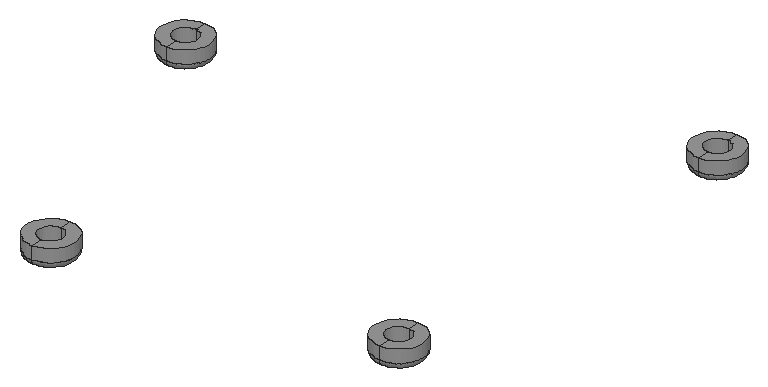
Revit family "4832_Colours", category Furniture, Revit 2013
Parameters
  Width = 1' - 4 1/2"
  URL = "http://www.bernhardtdesign.com/"
  Model = "4832 Colours"
  Manufacturer = "Bernhardt"
  Length = 2' - 7 5/8"
  Height = 2' - 8 7/8"
  Description = "Seating"
  Casters = Caster-Bernhardt-Black
  Bernhardt Fabric = Fabric_Bernhardt-White
Reference planes (in)
  plane 1 "Center (Front/Back)": y = 0
  plane 2 "Center (Left/Right)": x = 0
  plane 3: y = -16.11317
  plane 4: y = 15.79955
  plane 5: z = 16.48608
Lines and regions (in)
  Non planar sketch 1
    outline origin (-13.65132, 6.64536, 0.83175) x (-0.724506, -0.689269, 0) y (-0.689269, 0.724506, 0)
      loop
        spline (-0.01987, -0.00264) -> (-11.86168, -2.64796) -> (-17.08134, -6.28586) -> (-19.79955, -11.99114) -> (-18.40165, -19.19624) -> (-14.53691, -24.42667) -> (-7.46465, -27.2381) -> (-0.05927, -27.16434) -> (5.17416, -24.39231) -> (8.92842, -18.33987) -> (8.83121, -11.59443) -> (5.48955, -4.53528) -> (0.01987, 0.00264)
  Non planar sketch 2
    outline origin (-14.34059, 7.36987, 3.92853) x (-1, 0, 0) y (0, 1, 0)
      loop
        spline (0.01621, -0.01178) -> (1.15395, -7.92007) -> (-1.40738, -15.69538) -> (-6.32715, -21.01108) -> (-13.741, -22.96318) -> (-19.97235, -21.22052) -> (-25.68433, -15.89646) -> (-29.04843, -8.53864) -> (-28.20665, -1.64847) -> (-23.93024, 5.01087) -> (-17.45645, 7.49325) -> (-10.78351, 6.47873) -> (-0.01621, 0.01178)
  Non planar sketch 3
    outline origin (-14.68523, 7.73212, 7.89246) x (-1, 0, 0) y (0, 1, 0)
      loop
        spline (0.01621, -0.01178) -> (1.30534, -8.3453) -> (-1.31437, -16.29942) -> (-6.40452, -21.7959) -> (-14.07944, -23.82539) -> (-20.57504, -22.01111) -> (-26.43522, -16.55019) -> (-29.88839, -8.96932) -> (-29.02824, -1.86071) -> (-24.59037, 5.03652) -> (-17.83064, 7.63012) -> (-10.9658, 6.58938) -> (-0.01621, 0.01178)
  Non planar sketch 4
    outline origin (-14.68523, 7.73212, 12.36787) x (-1, 0, 0) y (0, 1, 0)
      loop
        spline (0.01621, -0.01178) -> (1.30534, -8.3453) -> (-1.31437, -16.29942) -> (-6.40452, -21.7959) -> (-14.07944, -23.82539) -> (-20.57504, -22.01111) -> (-26.43522, -16.55019) -> (-29.88839, -8.96932) -> (-29.02824, -1.86071) -> (-24.59037, 5.03652) -> (-17.83064, 7.63012) -> (-10.9658, 6.58938) -> (-0.01621, 0.01178)
  Non planar sketch 5
    outline origin (-14.34059, 7.36987, 14.68195) x (0, 1, 0) y (1, 0, 0)
      loop
        spline (0.01178, 0.01621) -> (6.47874, 10.78359) -> (7.49323, 17.45638) -> (5.01087, 23.93025) -> (-1.6485, 28.20665) -> (-8.53865, 29.04843) -> (-15.89646, 25.68433) -> (-21.22071, 19.97218) -> (-22.96318, 13.741) -> (-21.01108, 6.32715) -> (-15.69534, 1.40736) -> (-7.92007, -1.15398) -> (-0.01178, -0.01621)
  Non planar sketch 6
    outline origin (-13.99596, 7.00762, 15.68559) x (0, 1, 0) y (1, 0, 0)
      loop
        spline (0.01178, 0.01621) -> (6.36808, 10.6013) -> (7.35635, 17.08224) -> (4.98522, 23.27013) -> (-1.4363, 27.38506) -> (-8.10803, 28.20852) -> (-15.24273, 24.93344) -> (-20.43031, 19.36931) -> (-22.10097, 13.40258) -> (-20.22625, 6.24978) -> (-15.09133, 1.50039) -> (-7.49484, -1.00256) -> (-0.01178, -0.01621)
  Non planar sketch 7
    outline origin (-12.61742, 5.5586, 16.43559) x (0, 1, 0) y (1, 0, 0)
      loop
        spline (0.01178, 0.01621) -> (5.92545, 9.87214) -> (6.80887, 15.5857) -> (4.88263, 20.62964) -> (-0.58747, 24.0987) -> (-6.38531, 24.84881) -> (-12.62782, 21.92989) -> (-17.26861, 16.95793) -> (-18.65211, 12.049) -> (-17.08694, 5.94031) -> (-12.67522, 1.87249) -> (-5.79384, -0.39705) -> (-0.01178, -0.01621)
  Non planar sketch 8
    outline origin (-2.86941, 10.88849, 16.43559) x (1, 0, 0) y (0, 1, 0)
      loop
        spline (4.86305, 1.51818) -> (4.0044, 1.5176) -> (3.15578, 1.42312) -> (2.31683, 1.25483) -> (1.48722, 1.0328) -> (0.6666, 0.7771) -> (-0.14556, 0.50195) -> (-0.95018, 0.20976) -> (-1.74821, -0.09854) -> (-2.54055, -0.4221) -> (-3.3261, -0.76296) -> (-4.10144, -1.12647) -> (-4.86305, -1.51818)
        spline (-4.86305, -1.51818) -> (-9.47851, -5.03424) -> (-10.20474, -10.62109) -> (-8.73635, -16.2244) -> (-5.57092, -21.0534) -> (-0.50282, -23.74416) -> (5.26208, -23.52403) -> (10.1167, -20.3868) -> (13.60482, -15.75003) -> (15.17741, -10.22788) -> (13.87336, -4.58568) -> (10.3569, -0.03746) -> (4.86305, 1.51818)
  sketch lines
    curve 1: spline (-14.35681, 7.35809, 3.92853) -> (-15.49454, -0.5502, 3.92853) -> (-12.93321, -8.32551, 3.92853) -> (-8.01344, -13.64121, 3.92853) -> (-0.59959, -15.59331, 3.92853) -> (5.63176, -13.85066, 3.92853) -> (11.34374, -8.52659, 3.92853) -> (14.70784, -1.16877, 3.92853) -> (13.86606, 5.7214, 3.92853) -> (9.58965, 12.38074, 3.92853) -> (3.11585, 14.86312, 3.92853) -> (-3.55708, 13.84859, 3.92853) -> (-14.32438, 7.38165, 3.92853)
    curve 2: spline (-14.66901, 7.7439, 7.89246) -> (-3.71943, 14.3215, 7.89246) -> (3.14542, 15.36224, 7.89246) -> (9.90515, 12.76864, 7.89246) -> (14.34302, 5.87141, 7.89246) -> (15.20316, -1.2372, 7.89246) -> (11.74999, -8.81807, 7.89246) -> (5.88982, -14.27898, 7.89246) -> (-0.60578, -16.09327, 7.89246) -> (-8.2807, -14.06378, 7.89246) -> (-13.37086, -8.5673, 7.89246) -> (-15.99057, -0.61318, 7.89246) -> (-14.70144, 7.72034, 7.89246)
    curve 3: spline (-14.70144, 7.72034, 12.36787) -> (-15.99057, -0.61318, 12.36787) -> (-13.37086, -8.5673, 12.36787) -> (-8.2807, -14.06378, 12.36787) -> (-0.60578, -16.09327, 12.36787) -> (5.88982, -14.27898, 12.36787) -> (11.74999, -8.81807, 12.36787) -> (15.20316, -1.2372, 12.36787) -> (14.34302, 5.87141, 12.36787) -> (9.90515, 12.76864, 12.36787) -> (3.14542, 15.36224, 12.36787) -> (-3.71943, 14.3215, 12.36787) -> (-14.66901, 7.7439, 12.36787)
    curve 4: spline (-14.32438, 7.38165, 14.68195) -> (-3.557, 13.8486, 14.68195) -> (3.11579, 14.8631, 14.68195) -> (9.58966, 12.38074, 14.68195) -> (13.86606, 5.72137, 14.68195) -> (14.70784, -1.16878, 14.68195) -> (11.34374, -8.52659, 14.68195) -> (5.63158, -13.85085, 14.68195) -> (-0.59959, -15.59331, 14.68195) -> (-8.01344, -13.64121, 14.68195) -> (-12.93324, -8.32547, 14.68195) -> (-15.49457, -0.5502, 14.68195) -> (-14.35681, 7.35809, 14.68195)
    curve 6: spline (-14.01217, 6.99583, 15.68559) -> (-14.99852, -0.48723, 15.68559) -> (-12.49557, -8.08372, 15.68559) -> (-7.74617, -13.21863, 15.68559) -> (-0.59338, -15.09335, 15.68559) -> (5.37335, -13.42269, 15.68559) -> (10.93749, -8.23512, 15.68559) -> (14.21256, -1.10042, 15.68559) -> (13.38911, 5.57132, 15.68559) -> (9.27417, 11.99284, 15.68559) -> (3.08628, 14.36397, 15.68559) -> (-3.39466, 13.37569, 15.68559) -> (-13.97974, 7.0194, 15.68559)
  model lines
    curve 5: line (-12.6012, 5.57038, 5.43559) -> (-12.63363, 5.54682, 5.43559)
Dimensions and locks (in)
  nested 2 to plane 2 "Center (Left/Right)" = 0' - 10.32214"
  nested 2 to plane 1 "Center (Front/Back)" = 0' - 3.92611"
  nested 4 to plane 2 "Center (Left/Right)" = 0' - 5.76343"
  nested 4 to plane 1 "Center (Front/Back)" = 0' - 8.43219"
  nested 3 to plane 2 "Center (Left/Right)" = 0' - 6.57193"
  nested 3 to plane 1 "Center (Front/Back)" = 0' - 6.67238"
  nested 1 to plane 2 "Center (Left/Right)" = 0' - 6.85609"
  nested 1 to plane 1 "Center (Front/Back)" = 0' - 8.71977"
Automatic sketch dimensions
  Non planar sketch 1 sketch curve to reference point = 0' - 0.00264"
  Non planar sketch 1 sketch curve to reference point = 0' - 0.01987"
  reference point to Non planar sketch 1 sketch curve = 0' - 0.00264"
  reference point to Non planar sketch 1 sketch curve = 0' - 0.01987"
  Non planar sketch 2 sketch curve to reference point = 0' - 0.01621"
  reference point to Non planar sketch 2 sketch curve = 0' - 0.01621"
  Non planar sketch 2 sketch curve to reference point = 0' - 0.01178"
  reference point to Non planar sketch 2 sketch curve = 0' - 0.01178"
  Non planar sketch 3 sketch curve to reference point = 0' - 0.01621"
  reference point to Non planar sketch 3 sketch curve = 0' - 0.01621"
  Non planar sketch 3 sketch curve to reference point = 0' - 0.01178"
  reference point to Non planar sketch 3 sketch curve = 0' - 0.01178"
  Non planar sketch 4 sketch curve to reference point = 0' - 0.01621"
  reference point to Non planar sketch 4 sketch curve = 0' - 0.01621"
  Non planar sketch 4 sketch curve to reference point = 0' - 0.01178"
  reference point to Non planar sketch 4 sketch curve = 0' - 0.01178"
  Non planar sketch 5 sketch curve to reference point = 0' - 0.01178"
  reference point to Non planar sketch 5 sketch curve = 0' - 0.01178"
  Non planar sketch 5 sketch curve to reference point = 0' - 0.01621"
  reference point to Non planar sketch 5 sketch curve = 0' - 0.01621"
  Non planar sketch 6 sketch curve to reference point = 0' - 0.01178"
  reference point to Non planar sketch 6 sketch curve = 0' - 0.01178"
  Non planar sketch 6 sketch curve to reference point = 0' - 0.01621"
  reference point to Non planar sketch 6 sketch curve = 0' - 0.01621"
  Non planar sketch 7 sketch curve to reference point = 0' - 0.01178"
  reference point to Non planar sketch 7 sketch curve = 0' - 0.01178"
  Non planar sketch 7 sketch curve to reference point = 0' - 0.01621"
  reference point to Non planar sketch 7 sketch curve = 0' - 0.01621"
  reference point to reference point = 0' - 10.32531"
  reference point to reference point = 0' - 0.00036"
  reference point to reference point = 0' - 0.17864"
  reference point to reference point = 0' - 0.26887"
  reference point to reference point = 0' - 0.32464"
  reference point to reference point = 0' - 0.44583"
  reference point to reference point = 0' - 0.94555"
  reference point to reference point = 0' - 1.25556"
  reference point to reference point = 0' - 0.88959"
  reference point to reference point = 0' - 1.16417"
  reference point to reference point = 0' - 2.10956"
  reference point to reference point = 0' - 1.41841"
  reference point to reference point = 0' - 1.50363"
  Non planar sketch 8 sketch curve to reference point = 0' - 0"
  reference point to reference point = 0' - 2.04952"
  reference point to reference point = 0' - 0.70209"
  Non planar sketch 8 sketch curve to reference point = 0' - 1.6732"
  reference point to reference point = 0' - 0.27617"
  reference point to reference point = 0' - 1.00141"
  reference point to reference point = 0' - 1.41858"
  reference point to reference point = 0' - 0.60212"
  reference point to reference point = 0' - 0.85627"
  reference point to reference point = 0' - 2.27418"
  reference point to reference point = 0' - 2.65516"
  reference point to Non planar sketch 8 sketch curve = 0' - 1.35161"
  reference point to Non planar sketch 8 sketch curve = 0' - 0"  (x3)
  reference point to reference point = 0' - 2.97097"
  Non planar sketch 8 sketch curve to reference point = 0' - 2.07096"
  reference point to reference point = 0' - 2.66147"
  reference point to reference point = 0' - 0.88481"
  reference point to reference point = 0' - 1.81299"
  reference point to reference point = 0' - 1.906"
  reference point to reference point = 0' - 0.44726"
  reference point to reference point = 0' - 2.13463"
  reference point to reference point = 0' - 2.18326"
  reference point to reference point = 0' - 1.77281"
  reference point to reference point = 0' - 1.26374"
  reference point to reference point = 0' - 1.89654"
  reference point to reference point = 0' - 0.80747"
  reference point to reference point = 0' - 0.55315"
  reference point to reference point = 0' - 0.40775"
  Non planar sketch 8 sketch curve to reference point = 0' - 1.51818"
  reference point to reference point = 0' - 2.33441"
  reference point to Non planar sketch 8 sketch curve = 0' - 0.95427"
  reference point to reference point = 0' - 1.69335"
  reference point to reference point = 0' - 2.36154"
  reference point to reference point = 0' - 1.15231"
  reference point to reference point = 0' - 0.49739"
  reference point to reference point = 0' - 1.41257"
  reference point to reference point = 0' - 2.57007"
  reference point to reference point = 0' - 1.69795"
  reference point to reference point = 0' - 2.25565"
  reference point to reference point = 0' - 2.1879"
  reference point to reference point = 0' - 2.52765"
  reference point to reference point = 0' - 2.31493"
  reference point to reference point = 0' - 1.8694"
  reference point to reference point = 0' - 2.75173"
  reference point to reference point = 0' - 3.4404"
  reference point to reference point = 0' - 1.84292"
  reference point to reference point = 0' - 1.78028"
  reference point to reference point = 0' - 2.73459"
  reference point to reference point = 0' - 1.51401"
  reference point to reference point = 0' - 1.63978"
  reference point to reference point = 0' - 1.43979"
  reference point to reference point = 0' - 1.57402"
  reference point to reference point = 0' - 0.7768"
  reference point to reference point = 0' - 0.35797"
  reference point to reference point = 0' - 0.08271"
  reference point to reference point = 0' - 0.83841"
  reference point to reference point = 0' - 1.37914"
  reference point to reference point = 0' - 1.47301"
  reference point to Non planar sketch 8 sketch curve = 0' - 0.04517"
  plane 1 "Center (Front/Back)" to curve 5 = 0' - 5.54682"
  curve 5 to plane 2 "Center (Left/Right)" = 1' - 0.63363"
  plane 1 "Center (Front/Back)" to curve 5 = 0' - 5.57038"
Nested families (in)
  nested 1: "Foot_Colours" at (6.85609, 8.71977, 0), type "Foot_Colours"
  nested 2: "Foot_Colours" at (-10.32214, 3.92611, 0), type "Foot_Colours"
  nested 3: "Foot_Colours" at (6.57193, -6.67238, 0), type "Foot_Colours"
  nested 4: "Foot_Colours" at (-5.76343, -8.43219, 0), type "Foot_Colours"
Definition of nested family "Foot_Colours"
  Parameters (values of type "Foot_Colours")
    Casters = Caster-Bernhardt-Black
  Reference planes (in)
    plane 1 "Center Front/Back": y = 0
    plane 2: z = 0
    plane 3 "Center Left/Right": x = 0
  Forms (in)
    Revolve 1, solid, material "Caster-Bernhardt-Black"
      sketch origin (0, 0, 0) x (0, 1, 0) y (0, 0, 1)
        loop
          line (0.94469, 0.75) -> (0.47567, 0.75) -> (0.47567, 0) -> (0.69469, 0)
          arc (0.69469, 0) -> (0.87146, 0.07322) -> (0.94469, 0.25) r 0.25
          line (0.94469, 0.25) -> (0.94469, 0.75)
        axis (0, 0.75) -> (0, 0)
      angle from 0 to 360
  Dimensions and locks (in)
    aligned and locked: level to plane 2
    aligned and locked: plane 1 "Center Front/Back" to Revolve 1 sketch curve
